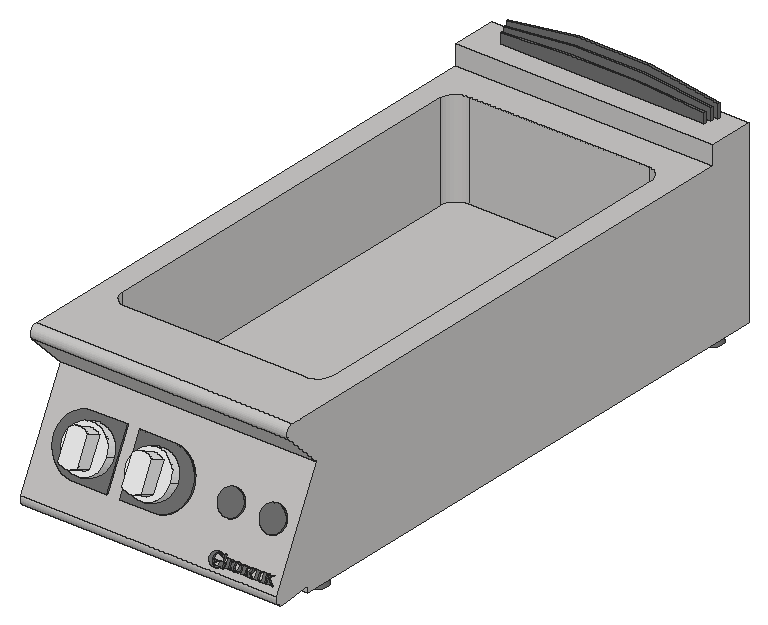
Revit family "QF_GIORIK_BM920T", category Specialty Equipment, Revit 2014
Parameters (values of type "BM920T")
  Weight in Pounds = 0
  Watts = 1650 W
  Waste Water Discharge Temperature [instance] = 0 °C
  Volts = 230 V
  URL Cutsheet = "www.giorik.com"
  URL = "www.giorik.com"
  Status [instance] = ""
  Specification by User [instance] = ""
  Specification by Manufacturer = ""
  Show Logo [instance] = yes
  Show Clearance [instance] = yes
  Serial Number = ""
  Seismic Rating = ""
  SMACNA No = ""
  Revision Code [instance] = ""
  Plumbing Remarks [instance] = ""
  Plumbing Connection Type [instance] = ""
  Phase = 1
  Number of Poles [instance] = 1
  NAFEM Spec ID Number = ""
  Model = "BM920T"
  Min Ckt Ampacity = 0 A
  Max Overcurrent Protection = 0 A
  Masterspec = ""
  Manufacturer = "GIORIK"
  Item Number [instance] = ""
  Installed By [instance] = ""
  Indirect Waste Size = 1"
  Indirect Waste Flow = 0.0 L/s
  Indirect Waste Connection Type [instance] = ""
  Indirect Waste Connection Height [instance] = 20 mm
  Identify Quantity as Lot [instance] = no
  HP = "2.212683000000"
  Furnished By [instance] = ""
  Foodservice Equipment Identifier [instance] = yes
  FL Amps = 0 A
  Electrical Remarks [instance] = ""
  Electric Connection Type [instance] = ""
  Elec Conn RI Height [instance] = 0 mm
  Elec Conn Connection Height [instance] = 20 mm
  Description = "ELECTRIC BAIN MARIE - COUNTERTOP VERSION"
  Cycle = 50 Hz
  Conn Plug = ""
  Conn Conduit [instance] = no
  Cold Water Temperature Recommended = 0 °C
  Cold Water Size = 1/2"
  Cold Water RI Height [instance] = 20 mm
  Cold Water Minimum Pressure = 20000.0 Pa
  Cold Water Maximum Pressure = 50000.0 Pa
  Cold Water Flow [instance] = 0.0 L/s
  Cold Water Consumption [instance] = ""
  Cold Water Connection Height [instance] = 20 mm
  CSI MasterFormat = ""
  Assembly Code = "E1090320"
  Apparent Power = 1650 VA
Reference planes
  plane 1 "Back": y = 0
  plane 2: z = 0
  plane 3 "Left": x = 0
  plane 4 "Right": x = 400
  plane 5 "Front": y = -920
  plane 6 "Top": z = 300
Forms (mm)
  Extrusion 1, solid, visible <- "Show Logo"
    sketch origin (196.604, -936.761, 9.486) x (-1, 0, 0) y (0, 0.452718, 0.891654)
      loop
        line (-118.824, 58.358) -> (-127.804, 58.358) -> (-125.523, 56.445) -> (-125.523, 48.027) -> (-127.804, 46.113) -> (-118.824, 46.113) -> (-121.105, 48.027) -> (-121.105, 56.445) -> (-118.824, 58.358)
      loop
        line (-163.721, 58.358) -> (-172.7, 58.358) -> (-170.42, 56.445) -> (-170.42, 48.027) -> (-172.7, 46.113) -> (-163.721, 46.113) -> (-166.001, 48.027) -> (-166.001, 56.445) -> (-163.721, 58.358)
      loop
        line (-174.332, 58.358) -> (-183.312, 58.358) -> (-181.031, 56.445) -> (-181.031, 52.435) -> (-186.419, 56.955) -> (-184.416, 58.358) -> (-191.268, 58.358) -> (-188.01, 56.839) -> (-185.455, 54.283) -> (-190.846, 47.858) -> (-193.396, 46.93) -> (-193.396, 46.113) -> (-184.416, 46.113) -> (-185.437, 47.571) -> (-182.443, 51.552) -> (-181.031, 50.894) -> (-181.031, 48.027) -> (-183.312, 46.113) -> (-174.332, 46.113) -> (-176.613, 48.027) -> (-176.613, 56.445) -> (-174.332, 58.358)
      loop
        line (-115.429, 62.063) -> (-115.429, 54.198)
        arc (-115.429, 54.198) -> (-111.618, 57.803) -> (-106.847, 59.986) r 16.039
        arc (-106.847, 59.986) -> (-103.314, 59.837) -> (-100.512, 57.68) r 5.851
        arc (-100.512, 57.68) -> (-98.815, 52.267) -> (-100.512, 46.853) r 9.479
        arc (-100.512, 46.853) -> (-102.406, 44.986) -> (-104.846, 43.93) r 7.236
        arc (-104.846, 43.93) -> (-107.728, 44.111) -> (-110.052, 45.825) r 5.11
        line (-110.052, 45.825) -> (-110.052, 52.001) -> (-116.141, 52.001) -> (-116.141, 45.503) -> (-117.893, 43.751) -> (-114.094, 44.769)
        arc (-114.094, 44.769) -> (-112.56, 44.947) -> (-111.129, 44.366) r 3.115
        arc (-111.129, 44.366) -> (-104.216, 42.091) -> (-97.303, 44.366) r 11.641
        arc (-97.303, 44.366) -> (-93.396, 52.107) -> (-97.303, 59.849) r 9.622
        arc (-97.303, 59.849) -> (-104.369, 62.174) -> (-111.435, 59.849) r 11.898
        line (-111.435, 59.849) -> (-115.429, 62.063)
      loop
        arc (-129.234, 56.068) -> (-135.893, 58.628) -> (-142.552, 56.068) r 9.941
        arc (-142.552, 56.068) -> (-144.234, 52.286) -> (-142.552, 48.505) r 5.093
        arc (-142.552, 48.505) -> (-135.893, 45.945) -> (-129.234, 48.505) r 9.941
        arc (-129.234, 48.505) -> (-127.552, 52.286) -> (-129.234, 56.068) r 5.093
      loop
        arc (-132.628, 54.403) -> (-135.893, 57.668) -> (-139.158, 54.403) r 3.265
        line (-139.158, 54.403) -> (-139.158, 50.169)
        arc (-139.158, 50.169) -> (-135.893, 46.904) -> (-132.628, 50.169) r 3.265
        line (-132.628, 50.169) -> (-132.628, 54.403)
      loop
        arc (-156.363, 58.365) -> (-159.647, 55.081) -> (-156.363, 51.796) r 3.285
        line (-156.363, 51.796) -> (-159.529, 47.306) -> (-162.087, 46.113) -> (-155.847, 46.113) -> (-153.529, 51.083) -> (-150.637, 51.083) -> (-150.637, 47.784) -> (-153.022, 46.113) -> (-144.011, 46.113) -> (-146.094, 47.68) -> (-146.094, 56.493) -> (-144.229, 58.365) -> (-156.363, 58.365)
      loop
        line (-150.637, 57.512) -> (-153.637, 57.512)
        arc (-153.637, 57.512) -> (-156.237, 54.912) -> (-153.637, 52.312) r 2.6
        line (-153.637, 52.312) -> (-150.637, 52.312) -> (-150.637, 57.512)
      loop
        line (-108.924, 52.001) -> (-104.936, 49.005) -> (-100.948, 52.001) -> (-108.924, 52.001)
    from 1.5 to -0.5
  Extrusion 2, solid
    sketch origin (-4, 0, 5) x (1, 0, 0) y (0, 1, 0)
      loop
        circle (54, -385) r 12.5
    from 0 to 15
  Extrusion 3, solid
    sketch origin (0, 800, -620) x (0, 1, 0) y (0, 0, 1)
      loop
        line (-800, 919.988) -> (-870, 919.988) -> (-870, 889.988) -> (-1688.806, 889.988)
        arc (-1688.806, 889.988) -> (-1699.151, 883.075) -> (-1696.724, 870.873) r 11.197
        line (-1696.724, 870.873) -> (-1640.876, 815.025) -> (-1718.948, 661.258)
        arc (-1718.948, 661.258) -> (-1718.233, 650.105) -> (-1708.118, 645.354) r 10.981
        line (-1708.118, 645.354) -> (-1660, 649.925) -> (-1660, 640) -> (-800, 640) -> (-800, 919.988)
    from 0 to 400
  Extrusion 4, solid
    sketch origin (-343.221, -1163.345, -547.637) x (1, 0, 0) y (0, 0.452718, 0.891654)
      loop
        line (463.221, 676.25) -> (463.221, 766.25) -> (409.698, 766.25)
        arc (409.698, 766.25) -> (364.698, 721.25) -> (409.698, 676.25) r 45
        line (409.698, 676.25) -> (463.221, 676.25)
    from 48 to 50
  Extrusion 5, solid
    sketch origin (431.331, -1208.697, -525.041) x (-1, 0, 0) y (0, -0.45351, -0.891251)
      loop
        circle (351.331, -721.346) r 35
    from 0 to 15
  Extrusion 6, solid
    sketch origin (431.331, -1208.697, -525.041) x (-1, 0, 0) y (0, -0.45351, -0.891251)
      loop
        arc (336.331, -743.846) -> (351.331, -748.846) -> (366.331, -743.846) r 25
        line (366.331, -743.846) -> (366.331, -698.846)
        arc (366.331, -698.846) -> (351.331, -693.846) -> (336.331, -698.846) r 25
        line (336.331, -698.846) -> (336.331, -743.846)
    from 15 to 40
  Extrusion 7, solid
    sketch origin (-94, 0, -610.001) x (1, 0, 0) y (0, 0, 1)
      loop
        line (135, 909.989) -> (453, 909.989) -> (453, 925.527) -> (347.056, 931.749) -> (240.944, 931.749) -> (135, 925.527) -> (135, 909.989)
    from 32 to 35
  Extrusion 8, solid
    sketch origin (-92, 10, -610.001) x (1, 0, 0) y (0, 0, 1)
      loop
        line (454, 909.989) -> (454, 928.527) -> (346.162, 939.193) -> (237.838, 939.193) -> (130, 928.527) -> (130, 909.989) -> (454, 909.989)
    from 32 to 35
  Extrusion 9, solid
    sketch origin (-90, 20, -610.001) x (1, 0, 0) y (0, 0, 1)
      loop
        line (455, 909.989) -> (455, 930.527) -> (345.396, 947.413) -> (234.604, 947.413) -> (125, 930.527) -> (125, 909.989) -> (455, 909.989)
    from 32 to 35
  Extrusion 10, void
    sketch origin (0, -200, 219.988) x (0, 1, 0) y (-1, 0, 0)
      loop
        arc (80, -60) -> (72.678, -42.322) -> (55, -35) r 25
        line (55, -35) -> (-565.002, -35)
        arc (-565.002, -35) -> (-582.68, -42.322) -> (-590.002, -60) r 25
        line (-590.002, -60) -> (-590.002, -340)
        arc (-590.002, -340) -> (-582.68, -357.678) -> (-565.002, -365) r 25
        line (-565.002, -365) -> (55, -365)
        arc (55, -365) -> (72.678, -357.678) -> (80, -340) r 25
        line (80, -340) -> (80, -60)
    from -100 to 50
  Extrusion 11, solid
    sketch origin (20, -175, 119.988) x (0, 1, 0) y (-1, 0, 0)
      loop
        circle (-565.918, -311.344) r 20
    from 0 to 2
  Extrusion 12, solid
    sketch origin (603.221, -1163.345, -547.637) x (-1, 0, 0) y (0, -0.452718, -0.891654)
      loop
        line (463.221, -676.25) -> (409.698, -676.25)
        arc (409.698, -676.25) -> (364.698, -721.25) -> (409.698, -766.25) r 45
        line (409.698, -766.25) -> (463.221, -766.25) -> (463.221, -676.25)
    from 48 to 50
  Extrusion 13, solid
    sketch origin (-171.331, -1208.697, -525.041) x (1, 0, 0) y (0, 0.45351, 0.891251)
      loop
        circle (351.331, 721.346) r 35
    from 0 to 15
  Extrusion 14, solid
    sketch origin (-171.331, -1208.697, -525.041) x (1, 0, 0) y (0, 0.45351, 0.891251)
      loop
        line (336.331, 743.846) -> (336.331, 698.846)
        arc (336.331, 698.846) -> (351.331, 693.846) -> (366.331, 698.846) r 25
        line (366.331, 698.846) -> (366.331, 743.846)
        arc (366.331, 743.846) -> (351.331, 748.846) -> (336.331, 743.846) r 25
    from 15 to 40
  Extrusion 15, solid
    sketch origin (51.156, -1136.65, -384.615) x (0, -0.452718, -0.891654) y (-1, 0, 0)
      loop
        circle (-565.918, -311.344) r 20
    from 0 to 2
  Extrusion 16, solid
    sketch origin (-14.189, -1136.65, -384.615) x (0, -0.452718, -0.891654) y (-1, 0, 0)
      loop
        circle (-565.918, -311.344) r 20
    from 0 to 2
  Extrusion 17, solid
    sketch origin (0, 0, -25) x (0, 1, 0) y (-1, 0, 0)
      loop
        circle (-54, -313) r 6.35
    from 30 to 45
  Extrusion 18, solid
    sketch origin (0, 0, -25) x (0, 1, 0) y (-1, 0, 0)
      loop
        circle (-129, -162) r 12.5
    from 30 to 45
  Extrusion 19, solid
    sketch origin (543.603, 45.293, -30) x (0, 1, 0) y (-1, 0, 0)
      loop
        circle (-79.293, 516.603) r 5
    from 41.965 to 50
  Revolve 20, solid
    sketch origin (27, 49.943, -600) x (0, 1, 0) y (0, 0, 1)
      loop
        line (-83.943, 611.965) -> (-94.752, 611.965) -> (-97.943, 600) -> (-83.943, 600) -> (-83.943, 611.965)
      axis (-83.943, 611.965) -> (-83.943, 600)
    angle from 0 to 360
  Extrusion 21, solid
    sketch origin (-143.603, 45.293, -30) x (0, 1, 0) y (-1, 0, 0)
      loop
        circle (-79.293, -516.603) r 5
    from 41.965 to 50
  Revolve 22, solid
    sketch origin (373, 49.943, -600) x (0, 1, 0) y (0, 0, -1)
      loop
        line (-83.943, -611.965) -> (-83.943, -600) -> (-97.943, -600) -> (-94.752, -611.965) -> (-83.943, -611.965)
      axis (-83.943, -611.965) -> (-83.943, -600)
    angle from 0 to 360
  Extrusion 23, solid
    sketch origin (543.603, -724.774, -30) x (0, 1, 0) y (-1, 0, 0)
      loop
        circle (-79.293, 516.603) r 5
    from 41.965 to 50
  Revolve 24, solid
    sketch origin (27, -720.125, -600) x (0, 1, 0) y (0, 0, 1)
      loop
        line (-83.943, 611.965) -> (-94.752, 611.965) -> (-97.943, 600) -> (-83.943, 600) -> (-83.943, 611.965)
      axis (-83.943, 611.965) -> (-83.943, 600)
    angle from 0 to 360
  Extrusion 25, solid
    sketch origin (-143.603, -724.774, -30) x (0, 1, 0) y (-1, 0, 0)
      loop
        circle (-79.293, -516.603) r 5
    from 41.965 to 50
  Revolve 26, solid
    sketch origin (373, -720.125, -600) x (0, 1, 0) y (0, 0, -1)
      loop
        line (-83.943, -611.965) -> (-83.943, -600) -> (-97.943, -600) -> (-94.752, -611.965) -> (-83.943, -611.965)
      axis (-83.943, -611.965) -> (-83.943, -600)
    angle from 0 to 360
Cuts and joins
  Extrusion 10 cuts Extrusion 3
Lines and regions (mm)
  symbolic lines, style "200-EquipBorder-2D"
    curve 1: line (0, -920, 0) -> (400, -920, 0)
    curve 2: line (400, -920, 0) -> (400, 0, 0)
    curve 3: line (400, 0, 0) -> (0, 0, 0)
    curve 4: line (0, 0, 0) -> (0, -920, 0)
  symbolic lines, style "200-EquipInternal-2D"
    curve 5: line (0, -70, 300) -> (400, -70, 300)
    curve 6: line (35, -12, 900) -> (365, -12, 900)
    curve 7: line (365, -12, 900) -> (365, -15, 900)
    curve 8: line (365, -15, 900) -> (35, -15, 900)
    curve 9: line (35, -15, 900) -> (35, -12, 900)
    curve 10: line (38, -22, 900) -> (362, -22, 900)
    curve 11: line (362, -22, 900) -> (362, -25, 900)
    curve 12: line (362, -25, 900) -> (38, -25, 900)
    curve 13: line (38, -25, 900) -> (38, -22, 900)
    curve 14: line (41, -32, 900) -> (359, -32, 900)
    curve 15: line (359, -32, 900) -> (359, -35, 900)
    curve 16: line (359, -35, 900) -> (41, -35, 900)
    curve 17: line (41, -35, 900) -> (41, -32, 900)
    curve 18: line (340, -120, 300) -> (60, -120, 300)
    curve 19: arc (60, -120, 300) -> (42.322, -127.322, 300) -> (35, -145, 300) r 25
    curve 20: line (35, -145, 300) -> (35, -765, 300)
    curve 21: arc (365, -145, 300) -> (357.678, -127.322, 300) -> (340, -120, 300) r 25
    curve 22: line (365, -765, 300) -> (365, -145, 300)
    curve 23: arc (340, -790, 300) -> (357.678, -782.678, 300) -> (365, -765, 300) r 25
    curve 24: line (60, -790, 300) -> (340, -790, 300)
    curve 25: arc (35, -765, 300) -> (42.322, -782.678, 300) -> (60, -790, 300) r 25
    curve 26: circle (331.344, -740.918, 300) r 20 normal (0, 0, 1)
Dimensions and locks
  plane 3 "Left" to plane 4 "Right" = 400 mm
  plane 5 "Front" to plane 1 "Back" = 920 mm
  plane 4 "Right" to plane 3 "Left" = 400 mm
  plane 1 "Back" to plane 5 "Front" = 920 mm
  plane 6 "Top" to level = 300 mm  (x2)
  aligned and locked: level to plane 2
Connectors
  electrical at (50, -385, 5), driven by "Apparent Power", driven by "Volts", driven by "Number of Poles"
    settings: on Extrusion 2, index 1, voltage 230 V, apparent load 0 VA, apparent load phase1 1650 VA, apparent load phase2 0 VA, apparent load phase3 0 VA, power factor 1, load classification "Other", number of poles 1, system type 31, power factor state 1, is connector primary yes, connector utility no, sub classification motor no, connector description "Electrical connector"
  piping at (313, -54, 5), diameter 12.7, driven by "Cold Water Size", driven by "Cold Water Flow"
    settings: on Extrusion 17, index 2, connector inside diameter 24", connector length 0 mm, flow factor 0, pipe flow 0.0 L/s, pressure drop 0.0 Pa, fitting loss kfactor 0, connector angle 0.00°, fixture units 0, engagement length 0 mm, angle of deflection 0.00°, flow configuration 1, flow direction 1, fitting loss method 0, system type 20, joint type 0, gender type 0, connector reference index -1, connector utility 0, adjustable connector no, is connector primary yes, connector description "Water inlet"
  piping at (162, -129, 5), diameter 25.4, driven by "Indirect Waste Size", driven by "Indirect Waste Flow"
    settings: on Extrusion 18, index 3, connector inside diameter 24", connector length 0 mm, flow factor 0, pipe flow 0.0 L/s, pressure drop 0.0 Pa, fitting loss kfactor 0, connector angle 0.00°, fixture units 0, engagement length 0 mm, angle of deflection 0.00°, flow configuration 1, flow direction 2, fitting loss method 0, system type 16, joint type 0, gender type 0, connector reference index -1, connector utility 0, adjustable connector no, is connector primary no, connector description "Water drain"
